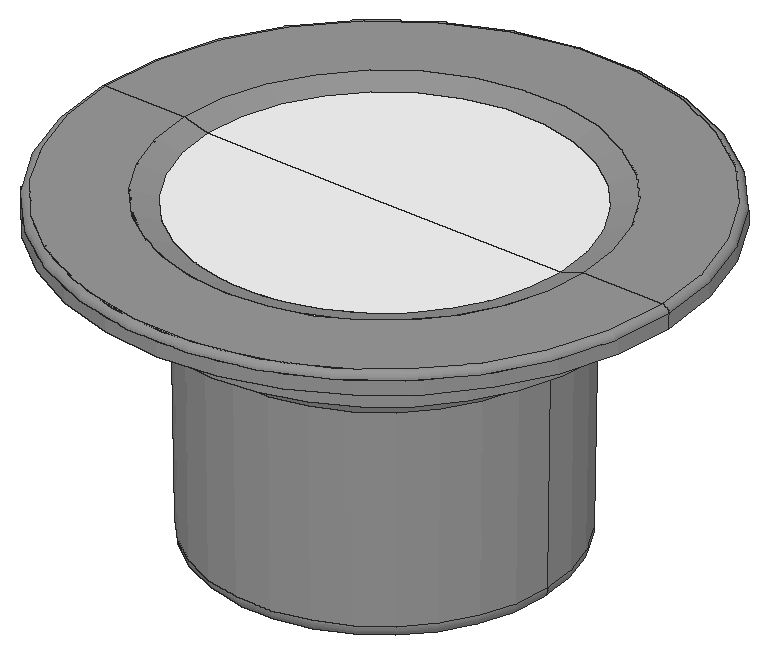
Revit family "0005379", category Lighting Fixtures, host Face, Revit 2016
Family settings
  Host = Face
  Part Type = Normal
  Round Connector Dimension = Use Diameter
  OmniClass Number = 23.80.70.00
  OmniClass Title = Lighting
  Cut with Voids When Loaded = No
  Light Source = Yes
  Shared = No
  Room Calculation Point = No
Parameters (values of type "0005379 START eco Spot 540lm 830 IP65 DIM WHT")
  Weight = "kg"
  Wattage Comments = ""
  Wattage = 7 W
  WarrantyStartDate [instance] = "n/a"
  WarrantyGuarantorParts = "n/a"
  WarrantyDurationUnit = "n/a"
  WarrantyDurationParts = "n/a"
  WarrantyDescription = "n/a"
  built-in parameter 1150110 = 1 (stored number, unit not read)
  Voltage = 230 V
  URL = "http://www.sylvania-lighting.com"
  TypeName = "Start eco Spot 540lm 830 IP65 DIM WHT"
  Type Image = <None>
  Type Comments = "n/a"
  built-in parameter 1114217 = 1 (stored number, unit not read)
  Tilt Angle = -90.00°
  built-in parameter 1150109 = 1 (stored number, unit not read)
  built-in parameter 1150134 = (empty or 0)
  built-in parameter 1150113 = 1 (stored number, unit not read)
  SerialNumber [instance] = "n/a"
  Photometric Web File = "0005379.ies"
  Material_3_SYL = none
  PowerFactor = 0
  PowerConsumption = "7 W"
  NominalLength = 87 mm
  NominalHeight = 47 mm
  NominalDepth = 87 mm
  Name = "Start eco Spot 540lm 830 IP65 DIM WHT"
  ModelReference = Name  # "Start eco Spot 540lm 830 IP65 DIM WHT"
  ModelNumber = "0005379"
  Model = Name  # "Start eco Spot 540lm 830 IP65 DIM WHT"
  Material = "n/a"
  ManufacturerName = "Feilo Sylvania"
  Manufacturer = "Feilo Sylvania"
  LuminousEfficacy = "77.14 lm/W"
  built-in parameter 1150105 = 206.6 (stored number, unit not read)
  Lumens = 540 lm
  LuminaireType = ""
  built-in parameter 1150115 = 1 (stored number, unit not read)
  LightOutputRatio = "n/a"
  built-in parameter 1150137 = (empty or 0)
  built-in parameter 1150139 = (empty or 0)
  LampsType = Lamp  # "LED"
  LampNominalLuminous = "n/a"
  LampMacAdamStep = "n/a"
  LampColourTemperature = "3000 K"
  LampColourRenderingIndex = "n/a"
  built-in parameter 1150112 = 1 (stored number, unit not read)
  built-in parameter 1150114 = 1 (stored number, unit not read)
  Lamp = "LED"
  Keynote = "16500"
  InstallationDate [instance] = "n/a"
  InputVoltage = "220-240 V~"
  InputNominalFrequency = "50/60/Hz"
  built-in parameter 1150132 = (empty or 0)
  built-in parameter 1150102 = (empty or 0)
  built-in parameter 1150107 = 3000 (stored number, unit not read)
  built-in parameter 1150138 = (empty or 0)
  IngressProtection = "IP20/IP65"
  ImpactProtectionIndex = "IK03"
  built-in parameter 1150106 = 2.066 (stored number, unit not read)
  IfcExportType = "IfcLightFixtureType"
  IfcExportAs = "IfcLightFixtureType"
  Emit from Circle Diameter = 54 mm
  Emit Shape Visible in Rendering = no
  ElectricShockClassification = "Class II"
  built-in parameter 1150104 = 7.1668 (stored number, unit not read)
  DocumentationLiterature = "http://www.sylvania-lighting.com/product/en-int/products/0005379"
  DimmingControlOptions = "Dimmable"
  Material_2_SYL = Diffuser-Sylvania
  Dimming Lamp Color Temperature Shift = <None>
  Description = ""
  Default Elevation = 1219.2 mm
  CreatedOn = "3/7/2019"
  CreatedBy = "@sylvania-lighting.com"
  Cost = 0
  Color Filter = 16777215
  built-in parameter 1114216 [instance] = (empty or 0)
  ClassificationValue = "EF_70_80"
  ClassificationName = "Uniclass2015"
  Material_1_SYL = Plastic, Opaque White
  BarCode [instance] = "n/a"
  built-in parameter 1114218 = 1 (stored number, unit not read)
  built-in parameter 1150133 = 10 (stored number, unit not read)
  AssetType = "Fixed"
  AssetIdentifier [instance] = "n/a"
  Assembly Code = "D5020200"
  Apparent Load = 7 VA
  Material_4_SYL = none
Reference planes
  plane 1 "Center (Front/Back)": y = 0
  plane 2: z = 0
  plane 3 "Center (Left/Right)": x = 0
  plane 4: x = -35
  plane 5: z = -100
  plane 6: z = 3
  plane 7: x = -43.5
  plane 8: z = 2
  plane 9: x = -42.5
  plane 10: x = -30.5
  plane 11: x = -27
  plane 12: x = -33
  plane 13: z = -7.5
  plane 14: z = -9.5
  plane 15: x = -25.5
  plane 16: z = -12.5
  plane 17: z = -44
  plane 18: x = -25
Forms (mm)
  Revolve 1, void
    sketch origin (0, 0, 0) x (1, 0, 0) y (0, 0, 1)
      loop
        line (0, 0) -> (-35, 0) -> (-35, -100) -> (0, -100) -> (0, 0)
      axis (0, 0) -> (0, -100)
    angle from 360 to 0
  Revolve 2, solid, material "Plastic, Opaque White" <- "Material_1_SYL"
    sketch origin (0, 0, 0) x (1, 0, 0) y (0, 0, 1)
      loop
        line (0, 2) -> (-27, 2) -> (-30.5, 3) -> (-42.5, 3)
        arc (-42.5, 3) -> (-43.207, 2.707) -> (-43.5, 2) r 1
        line (-43.5, 2) -> (-43.5, 0) -> (-33, 0) -> (-33, -7.5) -> (-27, -7.5) -> (-27, -9.5) -> (-25.5, -12.5) -> (-25.031, -42.032)
        arc (-25.031, -42.032) -> (-24.434, -43.425) -> (-23.031, -44) r 2
        line (-23.031, -44) -> (0, -44) -> (0, 2)
      axis (0, 3) -> (0, -44)
    angle from 360 to 0
Lines and regions (mm)
  reference lines
    curve 1: line (-25, 0, -44) -> (-25.5, 0, -12.5)
Dimensions and locks
  locked: plane 3 "Center (Left/Right)" to plane 4 at 35
  locked: plane 2 to plane 5 at 100
  locked: plane 6 to plane 2 at 3
  locked: plane 3 "Center (Left/Right)" to plane 7 at 43.5
  locked: plane 6 to plane 8 at 1
  locked: plane 9 to plane 7 at 1
  locked: plane 3 "Center (Left/Right)" to plane 10 at 30.5
  locked: plane 3 "Center (Left/Right)" to plane 11 at 27
  locked: plane 3 "Center (Left/Right)" to plane 12 at 33
  locked: plane 2 to plane 13 at 7.5
  locked: plane 13 to plane 14 at 2
  locked: plane 3 "Center (Left/Right)" to plane 15 at 25.5
  locked: plane 14 to plane 16 at 3
  locked: plane 6 to plane 17 at 47
  locked: plane 3 "Center (Left/Right)" to plane 18 at 25
  aligned and locked: plane 2 to host face
  aligned and locked: level to host face
  aligned and locked: Revolve 1 sketch curve to plane 3 "Center (Left/Right)"
  aligned and locked: level to Revolve 1 sketch curve
  aligned and locked: plane 3 "Center (Left/Right)" to Revolve 1 sketch curve
  aligned and locked: Revolve 1 sketch curve to plane 4
  aligned and locked: plane 5 to Revolve 1 sketch curve
  aligned and locked: plane 3 "Center (Left/Right)" to Revolve 2 sketch curve  (x2)
  aligned and locked: Revolve 2 sketch curve to plane 8
  aligned and locked: plane 6 to Revolve 2 sketch curve
  aligned and locked: Revolve 2 sketch curve to plane 6
  aligned and locked: level to Revolve 2 sketch curve
  aligned and locked: Revolve 2 sketch curve to plane 7
  aligned and locked: plane 12 to Revolve 2 sketch curve
  aligned and locked: Revolve 2 sketch curve to level
  aligned and locked: Revolve 2 sketch curve to plane 12
  aligned and locked: plane 13 to Revolve 2 sketch curve
  aligned and locked: plane 9 to Revolve 2 sketch curve
  aligned and locked: plane 8 to Revolve 2 sketch curve
  aligned and locked: plane 14 to Revolve 2 sketch curve
  aligned and locked: Revolve 2 sketch curve to plane 11
  aligned and locked: plane 15 to Revolve 2 sketch curve
  aligned and locked: plane 17 to Revolve 2 sketch curve
  aligned and locked: plane 18 to curve 1
  aligned and locked: plane 17 to curve 1
  aligned and locked: plane 16 to curve 1
  aligned and locked: plane 15 to curve 1
  aligned and locked: Revolve 2 sketch curve to curve 1
  aligned and locked: plane 3 "Center (Left/Right)" to imposter light
  aligned and locked: imposter light to plane 8
  aligned and locked: imposter light to plane 1 "Center (Front/Back)"
Connectors
  electrical at (0, 0, 0), driven by "Apparent Load", driven by "PowerFactor", driven by "Voltage"
    settings: index 1, voltage 230 V, apparent load 7 VA, apparent load phase1 0 VA, apparent load phase2 0 VA, apparent load phase3 0 VA, power factor 0, load classification "Lighting", number of poles 1, system type 30, power factor state 1, is connector primary yes, connector utility no, sub classification motor no, connector description ""
